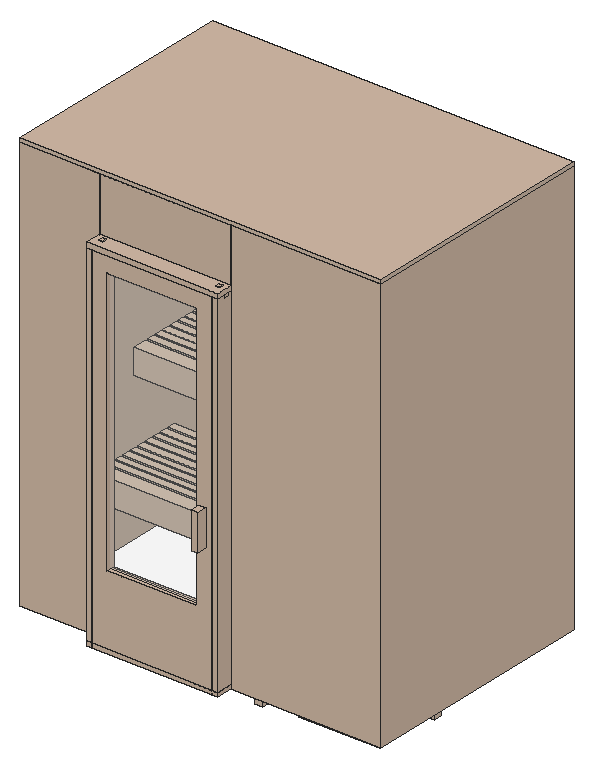
Revit family "Sauna-Room_Precut_Finlandia_FPC-46", category Specialty Equipment, Revit 2026
Family settings
  Round Connector Dimension = Use Diameter
  Part Type = Normal
  Classification Number = 23.40.50.34.37
  Work Plane-Based = Yes
  Enable Cutting in Views = No
  Always vertical = No
  Cut with Voids When Loaded = No
  Maintain Annotation Orientation = No
  Shared = No
  Room Calculation Point = No
Parameters (values of type "Reversed as Specified")
  Warranty Duration (Years) = 0
  Wall Thickness [instance] = 0' - 4"
  Wall Panel Thickness = 0' - 0 11/16"
  Unit Width = 6' - 0"
  Unit Height = 7' - 1"
  Unit Depth = 4' - 0"
  URL = "http://www.finlandiasauna.com/index.html"
  Standard = not(Reversed)  # no
  Specification = "http://www.arcat.com/sdspecs/htm/13052fin.htm"
  SpecWizard = ""
  Send Message = "http://www.arcat.com/users.pl?action=UserEmail&amp;company=Finlandia+Sauna+Products,+Inc.&amp;coid=32492&amp;rep=133&amp;fax=503-684-1120&amp;mf=95"
  Sales Information = "http://www.finlandiasauna.com/sauna-contactus.html"
  Revision = "R1_2014-07"
  Reversed = yes
  Product Properties = ""
  Product Data = "http://www.arcat.com/arcatcos/cos9532/arc32492.html"
  Model = "FPC 46"
  Manufacturer Website = "http://www.finlandiasauna.com/index.html"
  Manufacturer Phone - Toll Free = "800-354-3342"
  Manufacturer Phone = "503-684-8289"
  Manufacturer Fax = "503-684-1120"
  Manufacturer Address = "14010-B S.W. 72nd Ave.  Portland, OR 97224-0088"
  Manufacturer = "Finlandia Sauna Products, Inc."
  Maintenance Schedule (Months) = 0
  Keynote = "13052"
  Interior Finish [instance] = Wood - TnG - Finlandia - Red Cedar as Specified HO
  Installation-Fabrication = ""
  Installation Phase = ""
  Heater Type [instance] = SaunaHeater : FIN 3 kW
  Green Building-LEED = "http://www.arcat.com/green/clients95/leed_data_32492.html"
  Expected Lifespan (Years) = 0
  Drawn By = "Sumex Design, Inc. / Robert S. Weygant, CSI, CDT, SCIP"
  DoorOffset = if(Reversed, Unit Width - 1' 4" - Door RO Width, 1' 4")  # 2' - 6"
  Door Slab Finish [instance] = Wood - Douglas Fir - Finlandia - Finish as Specified
  Door RO Width = 2' - 2"
  Door RO Height [instance] = 6' - 0"
  Door Glazing Tint [instance] = Glazing - Finlandia - Clear
  Door Frame Finish [instance] = Wood - Douglas Fir - Finlandia - Finish as Specified
  Description = "Finlandia Precut Sauna Room - FPC 46 as Specified"
  Default Elevation = 0' - 0"
  Copyright = "©Arcat Inc."
  Construction Details = "http://www.arcat.com/details/finsauna/95finsauna.html?coid=32492"
  Capacity = "3 People"
  Bench Slat Material [instance] = Wood - Red Cedar - Finlandia - Finish as Specified
  Assembly Code = "F1010300"
Types (2): name | Standard | Reversed | DoorOffset
  Reversed as Specified | no | yes | 2' - 6"
  Standard as Specified | yes | no | 1' - 4"
Reference planes (in)
  plane 1 "Center (Front/Back)": y = 0
  plane 2 "Bottom": z = 0
  plane 3 "Center (Left/Right)": x = 0
  plane 4 "Front": y = -24
  plane 5 "Back": y = 24
  plane 6 "Left": x = -36
  plane 7 "Right": x = 36
  plane 8 "Top": z = 85
  plane 9: x = -35.3125
  plane 10: x = 35.3125
  plane 11: y = 23.3125
  plane 12: y = -23.3125
  plane 13: z = 1.5
  plane 14: x = -20
  plane 15: x = 6
  plane 16: z = 73.5
Forms (in)
  Extrusion 1, solid, material "Wood - Red Cedar - Finlandia - Finish as Specified"
    sketch origin (-43.59721, -180, 85) x (-1, 0, 0) y (0, -1, 0)
      loop
        line (-8.28471, -156.6875) -> (-8.28471, -203.3125) -> (-78.90971, -203.3125) -> (-78.90971, -156.6875) -> (-49.59721, -156.6875) -> (-49.59721, -156) -> (-79.59721, -156) -> (-79.59721, -204) -> (-7.59721, -204) -> (-7.59721, -156) -> (-23.59721, -156) -> (-23.59721, -156.6875) -> (-8.28471, -156.6875)
    from -83.5 to -0.6875
  Sweep 2, solid, material "Wood - Red Cedar - Finlandia - Finish as Specified" <- "Bench Slat Material"
    path origin (-77.70319, 6.79815, 0) x (-1, 0, 0) y (0, 1, 0)
      loop
        line (-113.01569, 16.51435) -> (-42.39069, 16.51435)
    profile "Bench : Bench" origin (0, 23.3125, 0) x (0, -1, 0) y (0, 0, 1)
      loop
        line (0, 31.5) -> (18.5, 31.5) -> (18.5, 31) -> (20, 31) -> (20, 36) -> (17, 36) -> (17, 34.5) -> (16.625, 34.5) -> (16.625, 36) -> (15.125, 36) -> (15.125, 34.5) -> (14.75, 34.5) -> (14.75, 36) -> (13.25, 36) -> (13.25, 34.5) -> (12.875, 34.5) -> (12.875, 36) -> (11.375, 36) -> (11.375, 34.5) -> (11, 34.5) -> (11, 36) -> (9.5, 36) -> (9.5, 34.5) -> (9.125, 34.5) -> (9.125, 36) -> (7.625, 36) -> (7.625, 34.5) -> (7.25, 34.5) -> (7.25, 36) -> (5.75, 36) -> (5.75, 34.5) -> (5.375, 34.5) -> (5.375, 36) -> (3.875, 36) -> (3.875, 34.5) -> (3.5, 34.5) -> (3.5, 36) -> (2, 36) -> (2, 34.5) -> (1.625, 34.5) -> (1.625, 36) -> (0, 36) -> (0, 31.5)
  Sweep 3, solid, material "Wood - Red Cedar - Finlandia - Finish as Specified" <- "Bench Slat Material"
    path origin (-77.70319, -13.20185, 0) x (-1, 0, 0) y (0, 1, 0)
      loop
        line (-113.01569, 26.51435) -> (-42.39069, 26.51435)
    profile "Bench : Bench" origin (0, 13.3125, 0) x (0, -1, 0) y (0, 0, 1)
      loop
        line (0, 13.5) -> (18.5, 13.5) -> (18.5, 13) -> (20, 13) -> (20, 18) -> (17, 18) -> (17, 16.5) -> (16.625, 16.5) -> (16.625, 18) -> (15.125, 18) -> (15.125, 16.5) -> (14.75, 16.5) -> (14.75, 18) -> (13.25, 18) -> (13.25, 16.5) -> (12.875, 16.5) -> (12.875, 18) -> (11.375, 18) -> (11.375, 16.5) -> (11, 16.5) -> (11, 18) -> (9.5, 18) -> (9.5, 16.5) -> (9.125, 16.5) -> (9.125, 18) -> (7.625, 18) -> (7.625, 16.5) -> (7.25, 16.5) -> (7.25, 18) -> (5.75, 18) -> (5.75, 16.5) -> (5.375, 16.5) -> (5.375, 18) -> (3.875, 18) -> (3.875, 16.5) -> (3.5, 16.5) -> (3.5, 18) -> (2, 18) -> (2, 16.5) -> (1.625, 16.5) -> (1.625, 18) -> (0, 18) -> (0, 13.5)
  Extrusion 4, solid, material "Wood - Red Cedar - Finlandia - Finish as Specified"
    sketch origin (-43.59721, -180, 85) x (-1, 0, 0) y (0, -1, 0)
      loop
        line (-23.59721, -156.6875) -> (-23.59721, -156) -> (-49.59721, -156) -> (-49.59721, -156.6875) -> (-23.59721, -156.6875)
    from -0.6875 to -11.5
  Extrusion 5, solid, material "Wood - TnG - Finlandia - Red Cedar as Specified HO" <- "Interior Finish"
    sketch origin (-43.59721, -180, 85) x (-1, 0, 0) y (0, -1, 0)
      loop
        line (-7.59721, -204) -> (-7.59721, -156) -> (-79.59721, -156) -> (-79.59721, -204) -> (-7.59721, -204)
    from 0 to -0.6875
  Extrusion 6, solid, material "Wood - Red Cedar - Finlandia - Finish as Specified" <- "Bench Slat Material", visible <- "Standard"
    sketch origin (0, 0, 0) x (1, 0, 0) y (0, 1, 0)
      loop
        line (-11.8125, -23.3125) -> (-10.3125, -23.3125) -> (-10.3125, -8.3125) -> (-35.3125, -8.3125) -> (-35.3125, -9.8125) -> (-11.8125, -9.8125) -> (-11.8125, -23.3125)
    from 0 to 31.5
  Extrusion 7, solid, material "Wood - Red Cedar - Finlandia - Finish as Specified" <- "Bench Slat Material", visible <- "Reversed"
    sketch origin (0, 0, 0) x (-1, 0, 0) y (0, -1, 0)
      loop
        line (-11.8125, 23.3125) -> (-11.8125, 9.8125) -> (-35.3125, 9.8125) -> (-35.3125, 8.3125) -> (-10.3125, 8.3125) -> (-10.3125, 23.3125) -> (-11.8125, 23.3125)
    from 0 to 31.5
Dimensions and locks (in)
  equal spacing: plane 6 "Left", plane 3 "Center (Left/Right)", plane 7 "Right"
  "Unit Width": plane 6 "Left" to plane 7 "Right"
  equal spacing: plane 5 "Back", plane 1 "Center (Front/Back)", plane 4 "Front"
  "Unit Depth": plane 5 "Back" to plane 4 "Front"
  "Unit Height": plane 8 "Top" to level
  "Wall Panel Thickness": plane 5 "Back" to plane 11
  "Wall Panel Thickness": plane 12 to plane 4 "Front"
  "Wall Panel Thickness": plane 6 "Left" to plane 9
  "Wall Panel Thickness": plane 10 to plane 7 "Right"
  locked: plane 13 to level at 1.5
  "Door RO Width": plane 14 to plane 15
  "DoorOffset": plane 15 to plane 7 "Right"
  locked: plane 11 to Sweep 3 sketch curve at 10
  plane 9 to Sweep 3 sketch curve = 0' - 0"
  Sweep 3 sketch curve to plane 10 = 0' - 0"
  Sweep 2 sketch curve to plane 10 = 0' - 0"
  plane 9 to Sweep 2 sketch curve = 0' - 0"
  "Door RO Height": plane 16 to plane 13
  locked: nested 2 to plane 12 at 1
  locked: plane 9 to nested 2 at 1
  locked: nested 3 to plane 10 at 1
  locked: nested 3 to plane 12 at 1
  plane 9 to Extrusion 6 sketch curve to Extrusion 6 sketch curve = 1' - 11 1/2" locked, 0' - 1 1/2" locked
  locked: Extrusion 7 sketch curve to Extrusion 7 sketch curve at 1.5
  locked: Extrusion 7 sketch curve to plane 10 at 23.5
  aligned and locked: Extrusion 1 sketch curve to plane 9
  aligned and locked: Extrusion 1 sketch curve to plane 11
  aligned and locked: Extrusion 1 sketch curve to plane 10
  aligned and locked: Extrusion 1 sketch curve to plane 12
  aligned and locked: Extrusion 1 to plane 13
  aligned and locked: Extrusion 1 sketch curve to plane 4 "Front"
  aligned and locked: Extrusion 1 sketch curve to plane 7 "Right"
  aligned and locked: Extrusion 1 sketch curve to plane 5 "Back"
  aligned and locked: Extrusion 1 sketch curve to plane 6 "Left"
  aligned: plane 8 "Top" to Extrusion 1
  aligned and locked: Sweep 2 sketch curve to plane 11
  aligned and locked: plane 15 to nested 1
  aligned and locked: nested 1 to plane 12
  aligned and locked: plane 14 to Extrusion 1 sketch curve
  aligned and locked: plane 15 to Extrusion 1 sketch curve
  aligned and locked: Extrusion 4 sketch curve to plane 15
  aligned and locked: plane 14 to Extrusion 4 sketch curve
  aligned and locked: Extrusion 4 sketch curve to plane 12
  aligned and locked: plane 4 "Front" to Extrusion 4 sketch curve
  aligned and locked: Extrusion 4 to plane 16
  aligned and locked: Extrusion 5 sketch curve to plane 7 "Right"
  aligned and locked: Extrusion 5 sketch curve to plane 6 "Left"
  aligned and locked: Extrusion 5 sketch curve to plane 5 "Back"
  aligned and locked: Extrusion 5 sketch curve to plane 4 "Front"
Automatic sketch dimensions
  plane 12 to Extrusion 1 sketch curve = 0' - 0"
  Extrusion 1 sketch curve to plane 4 "Front" = 0' - 0"
  Extrusion 6 sketch curve to plane 9 = 0' - 0"
  Extrusion 6 sketch curve to plane 12 = 0' - 0"
  plane 1 "Center (Front/Back)" to Extrusion 6 sketch curve = 0' - 9 13/16"
  Extrusion 6 sketch curve to Extrusion 6 sketch curve = 0' - 1 1/2"
  Extrusion 7 sketch curve to plane 10 = 0' - 0"
  Extrusion 7 sketch curve to plane 12 = 0' - 0"
  Extrusion 7 sketch curve to plane 1 "Center (Front/Back)" = 0' - 9 13/16"
  Extrusion 7 sketch curve to Extrusion 7 sketch curve = 0' - 1 1/2"
Nested families (in)
  nested 1: "Door" at (-7, -25.3125, 1.5), Swing Right <- "Standard", Swing Left <- "Reversed", frame finish <- "Door Frame Finish", glazing <- "Door Glazing Tint", door finish <- "Door Slab Finish", Wall Thickness <- "Wall Thickness", Rough Width <- "Door RO Width", Rough Height <- "Door RO Height", type "Standard"
    with glazing Glazing - Finlandia - Clear, frame finish Wood - Douglas Fir - Finlandia - Finish as Specified, door finish Wood - Douglas Fir - Finlandia - Finish as Specified, built-in parameter 1001301 2' - 0", Wall Thickness 0' - 4", Swing Right no, Swing Left yes, built-in parameter 1001305 2' - 2", built-in parameter 1001304 6' - 0"
  nested 2: "SaunaHeater" at (-26.3125, -16.8125, 0), type <- "Heater Type", visible <- "Standard", type "FIN 3 kW"
    with Width 1' - 4", Height 2' - 0", Depth 0' - 11"
  nested 3: "SaunaHeater" at (26.3125, -16.8125, 0) x (-1, 0, 0) z (0, 0, 1), type <- "Heater Type", visible <- "Reversed", type "FIN 3 kW"
    with Width 1' - 4", Height 2' - 0", Depth 0' - 11"
Connectors (in)
  electrical at (0, 0, 85)
    settings: on Extrusion 5, index 1, voltage 0 V, apparent load 0 VA, apparent load phase1 0 VA, apparent load phase2 0 VA, apparent load phase3 0 VA, power factor 1, load classification "Other", number of poles 1, system type 31, power factor state 1, is connector primary yes, connector utility no, sub classification motor no, connector description ""
Definition of nested family "Door"
  Parameters
    frame finish [instance] = none
    glazing [instance] = none
    door finish [instance] = none
    Width [instance] = Rough Width - 0' 2"  # 2' - 0"
    Wall Thickness [instance] = 1' - 2"
    Swing Right [instance] = yes
    Swing Left [instance] = yes
    Rough Width [instance] = 2' - 2"
    Rough Height [instance] = 4' - 11.36872"
    Default Elevation = 4' - 0"
    Assembly Code = ""
  Reference planes (in)
    plane 1 "Center (Front/Back)": y = 0
    plane 2: z = 0
    plane 3 "Center (Left/Right)": x = 0
    plane 4: x = -13
    plane 5: x = 13
    plane 6: y = 7
    plane 7: y = -7
    plane 8: z = 59.36872
    plane 9: x = -13.75
    plane 10: x = 13.75
    plane 11: y = -31
  Forms (in)
    Extrusion 1, solid, material <- "frame finish"
      sketch origin (-22.33749, -180, 59.36872) x (-1, 0, 0) y (0, -1, 0)
        loop
          line (-9.33749, -187) -> (-9.33749, -173) -> (-10.33749, -173) -> (-10.33749, -187.5) -> (-8.58749, -187.5) -> (-8.58749, -187) -> (-9.33749, -187)
        loop
          line (-35.33749, -187) -> (-36.08749, -187) -> (-36.08749, -187.5) -> (-34.33749, -187.5) -> (-34.33749, -173) -> (-35.33749, -173) -> (-35.33749, -187)
      from -59.36872 to -1
    Extrusion 2, solid, material <- "frame finish"
      sketch origin (0, 0, 0) x (0, 1, 0) y (0, 0, 1)
        loop
          line (7, 58.36872) -> (7, 58.86872) -> (7.5, 58.86872) -> (7.5, 60.11872) -> (7, 60.11872) -> (7, 59.36872) -> (-7, 59.36872) -> (-7, 58.36872) -> (7, 58.36872)
      from -13 to 13
    Extrusion 3, solid, material <- "frame finish"
      sketch origin (0, 0, 0) x (1, 0, 0) y (0, 1, 0)
        loop
          line (-12, -5.25) -> (-11.25, -5.25) -> (-11.25, -4.375) -> (-12, -4.375) -> (-12, -5.25)
        loop
          line (12, -5.25) -> (12, -4.375) -> (11.25, -4.375) -> (11.25, -5.25) -> (12, -5.25)
      from 0 to 59.36872
    Extrusion 4, solid, material <- "frame finish"
      sketch origin (0, 0, 0) x (0, 1, 0) y (0, 0, 1)
        loop
          line (-5.25, 58.36872) -> (-5.25, 57.86872) -> (-4.375, 57.86872) -> (-4.375, 58.36872) -> (-5.25, 58.36872)
      from -13 to 13
    Extrusion 5, solid, material <- "door finish"
      sketch origin (-22.31101, -7, 48) x (-1, 0, 0) y (0, 0, 1)
        loop
          line (-34.31101, -47.25) -> (-10.31101, -47.25) -> (-10.31101, 10.36872) -> (-34.31101, 10.36872) -> (-34.31101, -47.25)
        loop
          line (-13.31101, 7.36872) -> (-31.31101, 7.36872) -> (-31.31101, -33.25) -> (-13.31101, -33.25) -> (-13.31101, 7.36872)
      from 0 to 1.75
    Extrusion 6, solid, material <- "frame finish"
      sketch origin (0, 0, 0) x (0, 1, 0) y (0, 0, 1)
        loop
          line (-7, 0.75) -> (-7, 0) -> (7, 0) -> (7, 0.75) -> (-7, 0.75)
      from -13 to 13
    Extrusion 7, solid, material <- "glazing"
      sketch origin (-22.31101, -7, 48) x (-1, 0, 0) y (0, 0, 1)
        loop
          line (-13.31101, 7.36872) -> (-31.31101, 7.36872) -> (-31.31101, -33.25) -> (-13.31101, -33.25) -> (-13.31101, 7.36872)
      from 1.125 to 0.625
    Extrusion 8, solid, material <- "door finish", visible <- "Swing Right"
      sketch origin (-22.31101, -7, 48) x (-1, 0, 0) y (0, 0, 1)
        loop
          line (-11.5611, -15.059) -> (-12.8111, -15.059) -> (-12.8111, -22.309) -> (-11.5611, -22.309) -> (-11.5611, -15.059)
      from 0 to -2
    Extrusion 9, solid, material <- "door finish", visible <- "Swing Left"
      sketch origin (-22.31101, -7, 48) x (-1, 0, 0) y (0, 0, 1)
        loop
          line (-33.06091, -15.059) -> (-33.06091, -22.309) -> (-31.81091, -22.309) -> (-31.81091, -15.059) -> (-33.06091, -15.059)
      from 0 to -2
    Extrusion 10, solid, material <- "frame finish"
      sketch origin (-22.31101, 7, 48) x (-1, 0, 0) y (0, 0, 1)
        loop
          line (-9.31101, 12.11872) -> (-9.31101, 10.36872) -> (-8.56101, 10.36872) -> (-8.56101, 12.11872) -> (-9.31101, 12.11872)
        loop
          line (-35.31101, 12.11872) -> (-36.06101, 12.11872) -> (-36.06101, 10.36872) -> (-35.31101, 10.36872) -> (-35.31101, 12.11872)
      from 0 to 0.5
  Cuts and joins
    joined: Extrusion 1, Extrusion 10
  Lines and regions (in)
    symbolic lines, visible <- "Swing Right"
      curve 1: line (12, -7, 0) -> (12, -31, 0)
      curve 2: arc (12, -31, 0) -> (-4.97056, -23.97056, 0) -> (-12, -7, 0) r 24
    symbolic lines, visible <- "Swing Left"
      curve 3: arc (-12, -31, 0) -> (4.97056, -23.97056, 0) -> (12, -7, 0) r 24
      curve 4: line (-12, -31, 0) -> (-12, -7, 0)
  Dimensions and locks (in)
    equal spacing: plane 6, plane 1 "Center (Front/Back)", plane 7
    "Wall Thickness": plane 6 to plane 7
    equal spacing: plane 4, plane 3 "Center (Left/Right)", plane 5
    "Rough Width": plane 4 to plane 5
    "Rough Height": plane 8 to level
    Extrusion 1 sketch curve to plane 4 to Extrusion 1 sketch curve = 0' - 0 3/4" locked, 0' - 1" locked
    locked: Extrusion 1 sketch curve to plane 6 at 0.5  (x2)
    Extrusion 1 sketch curve to plane 5 to Extrusion 1 sketch curve = 0' - 1" locked, 0' - 0 3/4" locked
    locked: plane 6 to Extrusion 2 sketch curve at 0.5
    Extrusion 2 sketch curve to plane 8 to Extrusion 2 sketch curve to Extrusion 2 sketch curve = 0' - 0 3/4" locked, 0' - 0 1/2" locked, 0' - 0 1/2" locked
    Extrusion 3 sketch curve to Extrusion 3 sketch curve to plane 7 = 0' - 0 7/8" locked, 0' - 1 3/4" locked
    locked: Extrusion 3 sketch curve to Extrusion 3 sketch curve at 0.875
    locked: Extrusion 3 sketch curve to plane 7 at 1.75
    Extrusion 3 sketch curve to Extrusion 3 sketch curve to plane 5 = 0' - 0 3/4" locked, 0' - 1" locked
    plane 4 to Extrusion 3 sketch curve to Extrusion 3 sketch curve = 0' - 1" locked, 0' - 0 3/4" locked
    plane 7 to Extrusion 4 sketch curve to Extrusion 4 sketch curve = 0' - 1 3/4" locked, 0' - 0 7/8" locked
    plane 8 to Extrusion 4 sketch curve to Extrusion 4 sketch curve = 0' - 1" locked, 0' - 0 1/2" locked
    locked: plane 4 to plane 9 at 0.75
    locked: plane 10 to plane 5 at 0.75
    locked: Extrusion 5 sketch curve to plane 4 at 1
    locked: plane 5 to Extrusion 5 sketch curve at 1
    locked: plane 8 to Extrusion 5 sketch curve at 1
    locked: Extrusion 5 sketch curve to level at 0.75
    locked: Extrusion 6 sketch curve to level at 0.75
    locked: Extrusion 5 sketch curve to Extrusion 5 sketch curve at 3  (x3)
    locked: Extrusion 5 sketch curve to level at 14.75
    locked: Extrusion 7 sketch curve to level at 14.75
    locked: plane 8 to Extrusion 7 sketch curve at 4
    locked: Extrusion 7 sketch curve to plane 4 at 4
    locked: plane 5 to Extrusion 7 sketch curve at 4
    "Width": plane 7 to plane 11
    Extrusion 8 sketch curve to Extrusion 8 sketch curve to level = 0' - 7 1/4" locked, 2' - 1.691" locked
    locked: Extrusion 9 sketch curve to Extrusion 9 sketch curve at 7.25
    plane 5 to Extrusion 9 sketch curve to Extrusion 9 sketch curve = 0' - 2.25009" locked, 0' - 1 1/4" locked
    locked: Extrusion 9 sketch curve to level at 25.691
    Extrusion 8 sketch curve to Extrusion 8 sketch curve to plane 4 = 0' - 1 1/4" locked, 0' - 2.25009" locked
    aligned and locked: plane 2 to level
    aligned and locked: Extrusion 1 sketch curve to plane 4
    aligned and locked: plane 6 to Extrusion 1 sketch curve
    aligned and locked: Extrusion 1 sketch curve to plane 5
    aligned and locked: Extrusion 1 sketch curve to plane 6
    aligned: plane 8 to Extrusion 1
    aligned and locked: plane 8 to Extrusion 2 sketch curve
    aligned and locked: Extrusion 2 sketch curve to plane 6
    aligned and locked: plane 6 to Extrusion 2 sketch curve
    aligned and locked: plane 8 to Extrusion 3
    aligned and locked: plane 5 to Extrusion 4
    aligned and locked: Extrusion 4 to plane 4
    aligned: plane 9 to Extrusion 2
    aligned: Extrusion 2 to plane 10
    aligned and locked: Extrusion 6 sketch curve to plane 7
    aligned and locked: plane 6 to Extrusion 6 sketch curve
    aligned and locked: Extrusion 6 sketch curve to level
    aligned and locked: plane 5 to Extrusion 6
    aligned and locked: Extrusion 6 to plane 4
    aligned and locked: Extrusion 1 to level
    aligned and locked: plane 5 to Extrusion 2
    aligned and locked: Extrusion 2 to plane 4
  Automatic sketch dimensions
    curve 3 to plane 7 = 0' - 0"
    curve 4 to plane 11 = 0' - 0"
    curve 4 to plane 7 = 0' - 0"
    plane 4 to curve 3 = 0' - 1"
    Extrusion 1 sketch curve to plane 7 = 0' - 0"  (x2)
    Extrusion 2 sketch curve to plane 7 = 0' - 0"
    plane 10 to Extrusion 10 sketch curve = 0' - 0"
    Extrusion 10 sketch curve to plane 5 = 0' - 0"
    Extrusion 10 sketch curve to plane 4 = 0' - 0"
    plane 9 to Extrusion 10 sketch curve = 0' - 0"
    Extrusion 10 sketch curve to plane 8 = 0' - 1"  (x2)
    plane 8 to Extrusion 10 sketch curve = 0' - 0 3/4"  (x2)
Definition of nested family "SaunaHeater"
  Parameters
    Width = 1' - 8 1/8"
    Height = 2' - 8"
    Depth = 1' - 8 1/8"
    Default Elevation = 0' - 0"
  Reference planes (in)
    plane 1 "Center (Front/Back)": y = 0
    plane 2: z = 0
    plane 3 "Center (Left/Right)": x = 0
    plane 4: x = -10.0625
    plane 5: x = 10.0625
    plane 6: y = 10.0625
    plane 7: y = -10.0625
    plane 8: z = 32
  Forms (in)
    Extrusion 1, solid
      sketch origin (0, 0, 0) x (1, 0, 0) y (0, 1, 0)
        loop
          line (-10.0625, 10.0625) -> (-10.0625, -10.0625) -> (10.0625, -10.0625) -> (10.0625, 10.0625) -> (-10.0625, 10.0625)
      from 0 to 32
  Dimensions and locks (in)
    equal spacing: plane 4, plane 3 "Center (Left/Right)", plane 5
    equal spacing: plane 6, plane 1 "Center (Front/Back)", plane 7
    "Depth": plane 6 to plane 7
    "Width": plane 4 to plane 5
    "Height": plane 8 to level
    aligned and locked: level to plane 2
    aligned and locked: Extrusion 1 sketch curve to plane 6
    aligned and locked: plane 4 to Extrusion 1 sketch curve
    aligned and locked: plane 7 to Extrusion 1 sketch curve
    aligned and locked: Extrusion 1 sketch curve to plane 5
    aligned and locked: plane 8 to Extrusion 1
